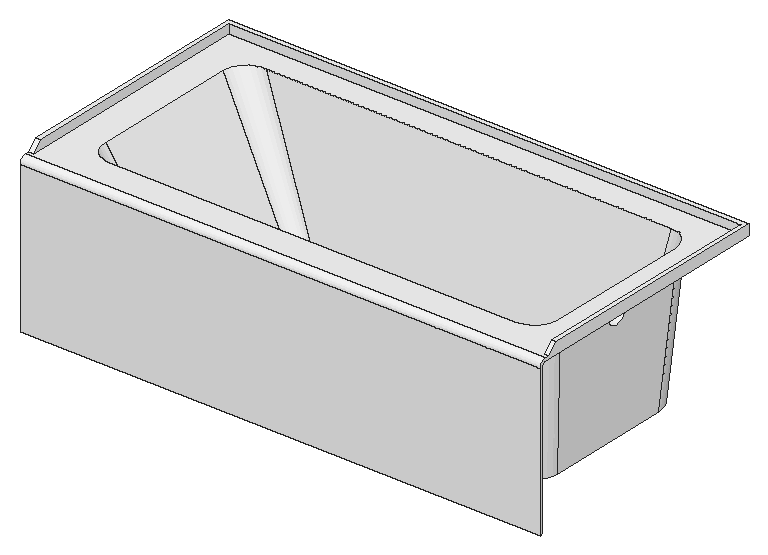
Revit family "Bathtub-American_Standard-Studio-2973_Series", category Plumbing Fixtures, Revit 2014
Parameters (values of type "2973.102")
  Width = 30"  # constant formula
  Waste Connection Radius = 1"  # constant formula
  Waste Connection Diameter = 2"  # constant formula
  Waste Connection = yes
  Warranty Information = "limited Lifetime Warranty"  # constant formula
  WFU = 4  # constant formula
  Vent Connection = no
  URL = "https://www.americanstandard-us.com/"
  Tub Geometry = Bathtub-American_Standard-Studio-2973.102 : 2973.102
  Shipping Weight = 56 lbf
  Product Page URL = "https://www.americanstandard-us.com/bathroom/bathtubs/studio-60x30-inch-integral-apron-bathtub-right-drain-31603"
  Product Documentation Link = "https://www.americanstandard-us.com/-/media/sites/asus/files/product-specs/bathtubs/2017/specsheet-2973102-2973202.pdf?la=en"
  Price = "Prices may vary. Please consult Manufacturer Representative for most up-to-date price list."  # constant formula
  Model = "2973.102"
  Material = "High Gloss Acrylic-American Standard-020-White"  # constant formula
  Manufacturer = "American Standard"  # constant formula
  Length = 60"  # constant formula
  Installation Type = "Recess Installation"
  Height = 18"  # constant formula
  HWFU = 3  # constant formula
  HW Connection = yes
  Description = "Studio 60\" x 30\" Bathing Pool with Built-In Apron and Right Side Drain"
  Default Elevation = 0"
  Creation Date = "05/02/2017"
  Connector Location = 50 1/4"
  CWFU = 3  # constant formula
  CW Connection = yes
  Assembly Code = "D2010510"
  ADA Compliant = yes
Types (3): name | Tub Geometry | Product Page URL | Model | Description | Connector Location
  (no name) | Bathtub-American_Standard-Studio-2973.102 : 2973.102 | "https://www.americanstandard-us.com/bathroom/bathtubs/studio-60x30-inch-integral-apron-bathtub-right-drain-31603" | "2973.102" | "Studio 60\" x 30\" Bathing Pool with Built-In Apron and Right Side Drain" | 50 1/4"
  2973.202 | Bathtub-American_Standard-Studio-2973.202 : 2973.202 | "https://www.americanstandard-us.com/bathroom/bathtubs/studio-60x30-inch-integral-apron-bathtub-left-drain-31605" | "2973.202" | "Studio 60\" x 30\" Bathing Pool with Built-In Apron and Left Side Drain" | 9 3/4"
  2973.102 | Bathtub-American_Standard-Studio-2973.102 : 2973.102 | "https://www.americanstandard-us.com/bathroom/bathtubs/studio-60x30-inch-integral-apron-bathtub-right-drain-31603" | "2973.102" | "Studio 60\" x 30\" Bathing Pool with Built-In Apron and Right Side Drain" | 50 1/4"
Reference planes (in)
  plane 1 "Center (Front/Back)": y = 0
  plane 2: z = 0
  plane 3 "Center (Left/Right)": x = 0
  plane 4: x = -30
  plane 5: x = 20.25
Forms (in)
  Extrusion 1, solid, material "High Gloss Acrylic-American Standard-020-White", not visible
    sketch origin (0, 0, 0.85823) x (1, 0, 0) y (0, 1, 0)
      loop
        circle (20.25, -14.625) r 1
    from 0.42837 to 0.46037
Dimensions and locks (in)
  locked: plane 4 to plane 3 "Center (Left/Right)" at 30
  "Connector Location": plane 4 to plane 5
Automatic sketch dimensions
  Extrusion 1 sketch curve to plane 5 = 0"
  plane 1 "Center (Front/Back)" to Extrusion 1 sketch curve = 14 5/8"
  radius of Extrusion 1 sketch curve = 1"
Nested families (in)
  nested 1: "Bathtub-American_Standard-Studio-2973.102" at (0, 0, 0), type <- "Tub Geometry", type "2973.102"
Connectors (in)
  piping at (20.25, -14.625, 1.2866), diameter 2, driven by "Waste Connection Diameter", driven by "WFU"
    settings: on Extrusion 1, index 1, connector inside diameter 24", connector length 0", flow factor 0, pipe flow 0 GPM, pressure drop 0.00 psi, fitting loss kfactor 0, connector angle 0.00°, fixture units 4, engagement length 0", angle of deflection 0.00°, flow configuration 3, flow direction 2, fitting loss method 0, system type 16, joint type 0, gender type 0, connector reference index -1, connector utility 0, adjustable connector no, is connector primary yes, connector description "Waste Outlet Connection"
Definition of nested family "Bathtub-American_Standard-Studio-2973.102"
  Parameters (values of type "2973.102")
    Width = 30"
    Waste Connection Radius = Waste Connection Diameter / 2  # 1"
    Waste Connection Diameter = 2"
    Waste Connection = yes
    Warranty Information = "Limited Lifetime warranty"
    WFU = 4
    Vent Connection = no
    URL = "https://www.americanstandard-us.com/"
    Shipping Weight = 56 lbf
    Product Page URL = "https://www.americanstandard-us.com/bathroom/bathtubs?page=1&plimit=21"
    Price = "Prices may vary. Please consult Manufacturer Representative for most up-to-date price list."  # constant formula
    Model = "2973.102"
    Material = "Acrylic-American Standard-020-High Gloss White"
    Manufacturer = "American Standard"
    Length = 60"
    Installation Type = "Recess Installation"
    Height = 18"
    HWFU = 3
    HW Connection = yes
    Description = "Studio 60\" x 30\" Bathing Pool with Built-In Apron and Right Side Drain"
    Default Elevation = 0"
    Creation Date = "05/02/2017"
    CWFU = 3
    CW Connection = yes
    Assembly Code = "D2010510"
    ADA Compliant = yes
  Reference planes (in)
    plane 1 "Center (Front/Back)": y = 0
    plane 2: z = 0
    plane 3 "Center (Left/Right)": x = 0
    plane 4: z = 18
    plane 5: z = 19
    plane 6: z = 17.75
    plane 7: z = 15
    plane 8: x = -30
    plane 9: x = 30
    plane 10: y = -30
    plane 11: y = -14.625
    plane 12: x = 20.25
    plane 13: y = -3.1875
    plane 14: y = -26.0625
    plane 15: x = -25.9375
    plane 16: x = 26.8125
    plane 17: x = 28
  Forms (in)
    Extrusion 1, solid, material "High Gloss Acrylic-American Standard-020-White"
      sketch origin (0, 0, 0) x (-1, 0, 0) y (0, -1, 0)
        loop
          line (-30, 28.84145) -> (-30, 0) -> (30, 0) -> (30, 28.84145) -> (-30, 28.84145)
        loop
          arc (22.9375, 3.4375) -> (24.88204, 4.24296) -> (25.6875, 6.1875) r 2.75
          line (25.6875, 6.1875) -> (25.6875, 23.0625)
          arc (25.6875, 23.0625) -> (24.88204, 25.00704) -> (22.9375, 25.8125) r 2.75
          line (22.9375, 25.8125) -> (-23.8125, 25.8125)
          arc (-23.8125, 25.8125) -> (-25.75704, 25.00704) -> (-26.5625, 23.0625) r 2.75
          line (-26.5625, 23.0625) -> (-26.5625, 6.1875)
          arc (-26.5625, 6.1875) -> (-25.75704, 4.24296) -> (-23.8125, 3.4375) r 2.75
          line (-23.8125, 3.4375) -> (22.9375, 3.4375)
      from 17.75 to 19
    Blend 2, solid, material "High Gloss Acrylic-American Standard-020-White"
      base sketch origin (0, 0, 0) x (-1, 0, 0) y (0, -1, 0)
        loop
          arc (22.9375, 3.1875) -> (25.05882, 4.06618) -> (25.9375, 6.1875) r 3
          line (25.9375, 6.1875) -> (25.9375, 23.0625)
          arc (25.9375, 23.0625) -> (25.05882, 25.18382) -> (22.9375, 26.0625) r 3
          line (22.9375, 26.0625) -> (-23.8125, 26.0625)
          arc (-23.8125, 26.0625) -> (-25.93382, 25.18382) -> (-26.8125, 23.0625) r 3
          line (-26.8125, 23.0625) -> (-26.8125, 6.1875)
          arc (-26.8125, 6.1875) -> (-25.93382, 4.06618) -> (-23.8125, 3.1875) r 3
          line (-23.8125, 3.1875) -> (22.9375, 3.1875)
      top sketch origin (0, 0, 0) x (-1, 0, 0) y (0, -1, 0)
        loop
          arc (16.19595, 4.36901) -> (18.31727, 5.24769) -> (19.19595, 7.36901) r 3
          line (19.19595, 7.36901) -> (19.19595, 21.88099)
          arc (19.19595, 21.88099) -> (18.31727, 24.00231) -> (16.19595, 24.88099) r 3
          line (16.19595, 24.88099) -> (-22.56149, 24.88099)
          arc (-22.56149, 24.88099) -> (-24.68281, 24.00231) -> (-25.56149, 21.88099) r 3
          line (-25.56149, 21.88099) -> (-25.56149, 7.36901)
          arc (-25.56149, 7.36901) -> (-24.68281, 5.24769) -> (-22.56149, 4.36901) r 3
          line (-22.56149, 4.36901) -> (16.19595, 4.36901)
      from 18 to 1.2866
    Extrusion 3, void
      sketch origin (0, 0, 0) x (-1, 0, 0) y (0, -1, 0)
        loop
          line (-29.5, 30) -> (-29.5, 0.5) -> (29.5, 0.5) -> (29.5, 30) -> (-29.5, 30)
      from 18 to 19
    Extrusion 4, void
      sketch origin (0, 0, 0) x (0, 1, 0) y (0, 0, -1)
        loop
          line (-27.71292, -19) -> (-28.71292, -18) -> (-30, -18) -> (-30, -19) -> (-27.71292, -19)
      from -30 to 30
    Blend 5, void
      base sketch origin (0, 0, 0) x (-1, 0, 0) y (0, -1, 0)
        loop
          arc (22.9375, 3.4375) -> (24.88204, 4.24296) -> (25.6875, 6.1875) r 2.75
          line (25.6875, 6.1875) -> (25.6875, 23.0625)
          arc (25.6875, 23.0625) -> (24.88204, 25.00704) -> (22.9375, 25.8125) r 2.75
          line (22.9375, 25.8125) -> (-23.8125, 25.8125)
          arc (-23.8125, 25.8125) -> (-25.75704, 25.00704) -> (-26.5625, 23.0625) r 2.75
          line (-26.5625, 23.0625) -> (-26.5625, 6.1875)
          arc (-26.5625, 6.1875) -> (-25.75704, 4.24296) -> (-23.8125, 3.4375) r 2.75
          line (-23.8125, 3.4375) -> (22.9375, 3.4375)
      top sketch origin (0, 0, 0) x (-1, 0, 0) y (0, -1, 0)
        loop
          arc (14.97827, 6.1875) -> (16.03893, 6.62684) -> (16.47827, 7.6875) r 1.5
          line (16.47827, 7.6875) -> (16.47827, 21.5625)
          arc (16.47827, 21.5625) -> (16.03893, 22.62316) -> (14.97827, 23.0625) r 1.5
          line (14.97827, 23.0625) -> (-21.06963, 23.0625)
          arc (-21.06963, 23.0625) -> (-22.13029, 22.62316) -> (-22.56963, 21.5625) r 1.5
          line (-22.56963, 21.5625) -> (-22.56963, 7.6875)
          arc (-22.56963, 7.6875) -> (-22.13029, 6.62684) -> (-21.06963, 6.1875) r 1.5
          line (-21.06963, 6.1875) -> (14.97827, 6.1875)
      from 18 to 1.65452
    Extrusion 6, void
      sketch origin (0, 0, 0) x (-1, 0, 0) y (0, -1, 0)
        loop
          circle (-20.25, 14.625) r 1
      from 0 to 2.67441
    Extrusion 7, solid, material "High Gloss Acrylic-American Standard-020-White"
      sketch origin (0, 1, 0) x (0, 1, 0) y (0, 0, -1)
        loop
          line (-30.75, 0) -> (-31, 0) -> (-31, -17.25)
          arc (-31, -17.25) -> (-30.78033, -17.78033) -> (-30.25, -18) r 0.75
          line (-30.25, -18) -> (-29.84145, -18) -> (-29.84145, -17.75) -> (-30.25, -17.75)
          arc (-30.25, -17.75) -> (-30.60355, -17.60355) -> (-30.75, -17.25) r 0.5
          line (-30.75, -17.25) -> (-30.75, 0)
      from -30 to 30
    Extrusion 8, void
      sketch origin (0, 0, 0) x (0, 1, 0) y (0, 0, -1)
        loop
          circle (-14.625, -15) r 1.25
      from -27.75522 to -25.25
  Cuts and joins
    Extrusion 3, Extrusion 4 cuts Extrusion 1
    Extrusion 3, Blend 5, Extrusion 6, Extrusion 8 cuts Blend 2
    Extrusion 3 cuts Extrusion 7
    joined: Extrusion 1, Blend 2, Extrusion 7
  Lines and regions (in)
    Masking region 1
      outline origin (0, 0, 0) x (0, 1, 0) y (-1, 0, 0)
        loop
          line (0, 30) -> (-30, 30) -> (-30, -30) -> (0, -30) -> (0, 30)
    symbolic lines, detail levels medium+fine
      curve 1: line (-29.5, -0.5, 0) -> (29.5, -0.5, 0)
      curve 2: line (29.5, -0.5, 0) -> (29.5, -28.71292, 0)
      curve 3: line (-29.5, -28.71292, 0) -> (-29.5, -0.5, 0)
      curve 4: line (29.5, -28.71292, 0) -> (30, -28.71292, 0)
      curve 5: line (-29.5, -28.71292, 0) -> (-30, -28.71292, 0)
      curve 6: line (24.0625, -3.1875, 0) -> (-23.1875, -3.1875, 0)
      curve 7: arc (-23.1875, -3.1875, 0) -> (-25.13204, -3.99296, 0) -> (-25.9375, -5.9375, 0) r 2.75
      curve 8: line (-25.9375, -5.9375, 0) -> (-25.9375, -23.3125, 0)
      curve 9: arc (-25.9375, -23.3125, 0) -> (-25.13204, -25.25704, 0) -> (-23.1875, -26.0625, 0) r 2.75
      curve 10: line (-23.1875, -26.0625, 0) -> (24.0625, -26.0625, 0)
      curve 11: arc (24.0625, -26.0625, 0) -> (26.00704, -25.25704, 0) -> (26.8125, -23.3125, 0) r 2.75
      curve 12: line (26.8125, -23.3125, 0) -> (26.8125, -5.9375, 0)
      curve 13: arc (26.8125, -5.9375, 0) -> (26.00704, -3.99296, 0) -> (24.0625, -3.1875, 0) r 2.75
      curve 14: circle (20.25, -14.625, 0) r 1 normal (0, 0, -1)
    symbolic lines, detail levels fine
      curve 15: line (-14.97827, -6.1875, 0) -> (21.06963, -6.1875, 0)
      curve 16: arc (21.06963, -6.1875, 0) -> (22.13029, -6.62684, 0) -> (22.56963, -7.6875, 0) r 1.5
      curve 17: line (22.56963, -7.6875, 0) -> (22.56963, -21.5625, 0)
      curve 18: arc (22.56963, -21.5625, 0) -> (22.13029, -22.62316, 0) -> (21.06963, -23.0625, 0) r 1.5
      curve 19: line (21.06963, -23.0625, 0) -> (-14.97827, -23.0625, 0)
      curve 20: arc (-14.97827, -23.0625, 0) -> (-16.03893, -22.62316, 0) -> (-16.47827, -21.5625, 0) r 1.5
      curve 21: line (-16.47827, -21.5625, 0) -> (-16.47827, -7.6875, 0)
      curve 22: arc (-16.47827, -7.6875, 0) -> (-16.03893, -6.62684, 0) -> (-14.97827, -6.1875, 0) r 1.5
      curve 23: spline (25.8297, -15.86985, 0) -> (25.97621, -15.68447, 0) -> (26.0811, -15.21522, 0) -> (26.11627, -14.58784, 0) -> (26.07228, -13.97042, 0) -> (25.96094, -13.52837, 0) -> (25.81206, -13.38015, 0) -> (25.66554, -13.56545, 0) -> (25.56064, -14.03464, 0) -> (25.52545, -14.662, 0) -> (25.56942, -15.27945, 0) -> (25.68075, -15.72155, 0) -> (25.8297, -15.86985, 0)
  Dimensions and locks (in)
    plane 4 to plane 2 = 18"
    plane 4 to plane 7 = 3"
    plane 5 to plane 4 = 1"
    plane 6 to level = 17 3/4"
    plane 9 to plane 12 = 9 3/4"
    "Length": plane 9 to plane 8
    plane 11 to plane 1 "Center (Front/Back)" = 14 5/8"
    "Width": plane 10 to plane 1 "Center (Front/Back)"
    plane 9 to plane 17 = 2"
    plane 15 to plane 8 = 4 1/16"
  Automatic sketch dimensions
    plane 1 "Center (Front/Back)" to Extrusion 1 sketch curve = 0"
    Extrusion 1 sketch curve to plane 9 = 0"
    Extrusion 1 sketch curve to plane 8 = 0"
    Extrusion 1 sketch curve to plane 16 = 1/4"
    Extrusion 1 sketch curve to plane 16 = 3"
    Extrusion 1 sketch curve to Extrusion 1 sketch curve = 2 3/4"
    Extrusion 1 sketch curve to plane 15 = 3"  (x2)
    Extrusion 1 sketch curve to plane 15 = 1/4"
    Blend 2 sketch curve to plane 16 = 0"
    Blend 2 sketch curve to plane 15 = 0"
    Blend 2 sketch curve to plane 16 = 3"
    Blend 2 sketch curve to Blend 2 sketch curve = 3"  (x3)
    Blend 2 sketch curve to plane 15 = 3"
    Blend 2 sketch curve to plane 16 = 1.25101"
    plane 12 to Blend 2 sketch curve = 2.31149"  (x2)
    Blend 2 sketch curve to plane 15 = 9.74155"  (x2)
    plane 9 to Extrusion 3 sketch curve = 1/2"
    plane 8 to Extrusion 3 sketch curve = 1/2"
    Extrusion 3 sketch curve to plane 1 "Center (Front/Back)" = 1/2"
    Extrusion 4 sketch curve to plane 4 = 0"
    Extrusion 4 sketch curve to plane 5 = 0"
    Extrusion 4 sketch curve to Extrusion 4 sketch curve = 1"
    Blend 5 sketch curve to plane 16 = 1/4"
    Blend 5 sketch curve to plane 16 = 3"  (x2)
    Blend 5 sketch curve to plane 15 = 3"  (x2)
    Blend 5 sketch curve to plane 15 = 1/4"
    plane 12 to Blend 5 sketch curve = 2.31963"
    plane 12 to Blend 5 sketch curve = 0.81963"  (x2)
    Blend 5 sketch curve to plane 15 = 10.95923"  (x2)
    Blend 5 sketch curve to Blend 5 sketch curve = 1 1/2"
    Extrusion 6 sketch curve to plane 12 = 0"
    Extrusion 7 sketch curve to Extrusion 7 sketch curve = 0"  (x3)
    Extrusion 7 sketch curve to level = 0"
    Extrusion 7 sketch curve to plane 6 = 0"
    Extrusion 7 sketch curve to plane 4 = 0"
    Extrusion 7 sketch curve to plane 6 = 1/2"
    Extrusion 7 sketch curve to Extrusion 7 sketch curve = 0.40855"
    plane 7 to Extrusion 8 sketch curve = 0"
    plane 1 "Center (Front/Back)" to Masking region 1 sketch curve = 0"
    Masking region 1 sketch curve to plane 9 = 0"
    Masking region 1 sketch curve to plane 8 = 0"
    Extrusion 1 sketch curve to plane 13 = 1/4"
    Extrusion 1 sketch curve to plane 14 = 3"
    plane 10 to Extrusion 1 sketch curve = 1.15855"
    plane 13 to Blend 2 sketch curve = 0"
    Blend 2 sketch curve to plane 14 = 0"
    Blend 2 sketch curve to plane 13 = 1.18151"
    Blend 2 sketch curve to plane 14 = 4.18151"
    plane 10 to Extrusion 3 sketch curve = 0"
    Extrusion 4 sketch curve to plane 10 = 0"
    Extrusion 4 sketch curve to plane 10 = 1.28708"
    Blend 5 sketch curve to plane 14 = 1/4"
    Blend 5 sketch curve to plane 13 = 3"
    Blend 5 sketch curve to plane 14 = 3"
    Blend 5 sketch curve to plane 13 = 4 1/2"
    plane 11 to Extrusion 6 sketch curve = 0"
    Extrusion 7 sketch curve to plane 10 = 0"
    Extrusion 8 sketch curve to plane 11 = 0"
    plane 10 to Masking region 1 sketch curve = 0"
    curve 5 to plane 8 = 0"
    plane 11 to curve 14 = 0"
    curve 14 to plane 12 = 0"
    plane 11 to curve 23 = 0"
    curve 4 to plane 9 = 0"
    curve 5 to curve 3 = 1/2"
    plane 15 to curve 8 = 0"
    curve 8 to curve 7 = 2 3/4"
    plane 14 to curve 10 = 0"
    plane 15 to curve 10 = 2 3/4"
    curve 9 to curve 21 = 6.70923"
    curve 21 to curve 22 = 1 1/2"
    curve 20 to curve 20 = 1 1/2"
    curve 19 to plane 12 = 0.81963"
    curve 15 to plane 12 = 0.81963"
    curve 16 to curve 17 = 1 1/2"
    plane 13 to curve 6 = 0"
    plane 16 to curve 6 = 2 3/4"
    plane 16 to curve 10 = 2 3/4"
    plane 16 to curve 12 = 0"
    curve 1 to plane 9 = 1/2"
    curve 5 to plane 10 = 1.28708"
    curve 2 to plane 10 = 1.28708"
    curve 11 to curve 19 = 1/4"
    curve 17 to curve 13 = 1 3/4"
    plane 1 "Center (Front/Back)" to curve 2 = 1/2"
    plane 16 to curve 23 = 0.99164"
    plane 16 to curve 23 = 0.98288"
    curve 23 to curve 23 = 0.00007"
    plane 11 to curve 23 = 1.24486"
    curve 23 to curve 23 = 0"
    radius of Extrusion 6 sketch curve = 1"
    radius of Extrusion 8 sketch curve = 1 1/4"
    radius of curve 14 = 1"
  Connectors (in)
    piping at (20.25, -14.625, 1.2866), diameter 2, driven by "WFU", driven by "Waste Connection Diameter"
      settings: on cut or joined group of Extrusion 1, Blend 2, Extrusion 3, Extrusion 4, Blend 5, Extrusion 6, Extrusion 7, Extrusion 8, index 1, connector inside diameter 24", connector length 0", flow factor 0, pipe flow 0 GPM, pressure drop 0.00 psi, fitting loss kfactor 0, connector angle 0.00°, fixture units 4, engagement length 0", angle of deflection 0.00°, flow configuration 3, flow direction 2, fitting loss method 0, system type 16, joint type 0, gender type 0, connector reference index -1, connector utility 0, adjustable connector no, is connector primary yes, connector description "2\" Waste Outlet"
